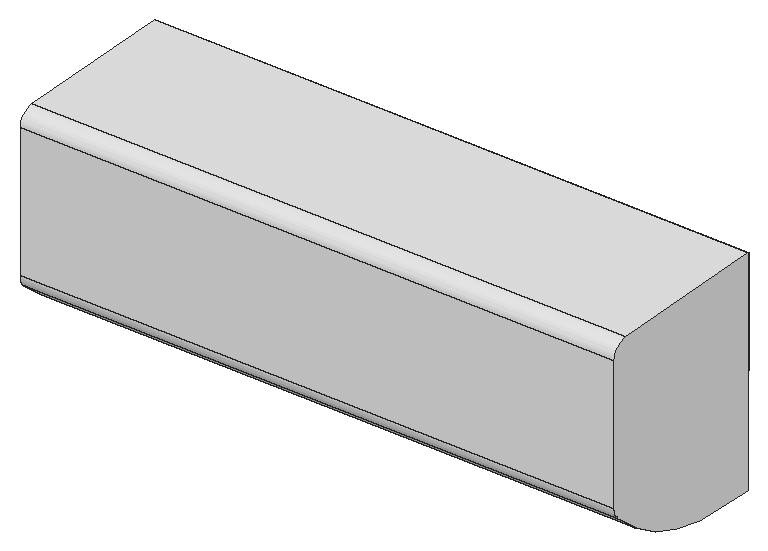
Revit family "Hitachi_RAS-25YHA_RAS-35YHA_VER2_0813", category Mechanical Equipment, Revit 2013
Parameters (values of type "RAS-25YHA")
  show Overhead Dashed [instance] = no
  show Geometry [instance] = not(show Overhead Dashed)  # yes
  Width = 780 mm  # constant formula
  Weight (kg) = 9.5  # constant formula
  URL = "www.temperzone.biz"
  RAF-50NXA1 = "RAC-25YHA"
  Pipe Length (min./max.) = "3m to 20m"
  Pipe Height (max.) = "10m"
  Pipe Connection Size - Gas = 9.5 mm  # 9.50 mm
  Pip Connection Size - Liquid = 6.4 mm  # 6.40 mm
  Model = "RAS-25YHA"
  Manufacturer = "Hitachi"  # constant formula
  Height = 280 mm  # constant formula
  Heating Range (kW) = "0.9 kW to 4.4 kW"
  Heating Capacity = 3.4 kW
  Energy Star = yes
  Description = "Hitachi Wall Mounted 2.5kW Heatpump RAS-25YHA"
  Depth = 220 mm  # constant formula
  Dehumidifying Capacity = "1.4 l/h"
  Cooling Range (kW) = "0.9 kW to 3.1 kW"
  Cooling Capacity = 2.5 kW
Types (2, lengths in mm): name | RAF-50NXA1 | Model | Heating Range (kW) | Heating Capacity | Description | Dehumidifying Capacity | Cooling Range (kW) | Cooling Capacity
  RAS-35YHA | "RAC-35YHA" | "RAS-35YHA" | "1.1 kW to 5.6 kW" | 4.5 kW | "Hitachi Wall Mounted 3.5kW Heatpump RAS-35YHA" | "1.6 l/h" | "1.1 kW to 4.2 kW" | 3.5 kW
  RAS-25YHA | "RAC-25YHA" | "RAS-25YHA" | "0.9 kW to 4.4 kW" | 3.4 kW | "Hitachi Wall Mounted 2.5kW Heatpump RAS-25YHA" | "1.4 l/h" | "0.9 kW to 3.1 kW" | 2.5 kW
Reference planes
  plane 1 "Center (Front/Back)": y = 0
  plane 2: z = 0
  plane 3 "Center (Left/Right)": x = 0
  plane 4: x = -390
  plane 5: x = 390
  plane 6: z = 1000
Forms (mm)
  Sweep 1, solid, material "Temperzone - Heatpump", visible <- "show Geometry", detail levels coarse
    path origin (4267.2, -758.273, 1000) x (0, -1, 0) y (1, 0, 0)
      loop
        line (-758.273, -3877.2) -> (-758.273, -4657.2)
    profile "RAS-25HA3_RAS-35YHA3_Coarse : Type 1" origin (0, 0, 1000) x (0, -1, 0) y (0, 0, 1)
      loop
        line (0, -280) -> (220, -280) -> (220, 0) -> (0, 0) -> (0, -280)
  Sweep 2, solid, material "Temperzone - Heatpump", detail levels coarse
    path origin (4267.2, -758.273, 1000) x (0, -1, 0) y (1, 0, 0)
      loop
        line (-758.273, -3877.2) -> (-758.273, -4657.2)
    profile "RAS-25HA3_RAS-35YHA3_Coarse : Type 1" origin (0, 0, 1000) x (0, -1, 0) y (0, 0, 1)
      loop
        line (0, -280) -> (220, -280) -> (220, 0) -> (0, 0) -> (0, -280)
  Sweep 3, solid, material "Temperzone - Heatpump", visible <- "show Geometry", detail levels medium+fine
    path origin (4267.2, -758.273, 1000) x (0, -1, 0) y (1, 0, 0)
      loop
        line (-758.273, -3877.2) -> (-758.273, -4657.2)
    profile "RAS-25HA3_RAS-35YHA3_Medium : Type 1" origin (0, 0, 1000) x (0, -1, 0) y (0, 0, 1)
      loop
        line (0, -280) -> (80.39, -280)
        arc (80.39, -280) -> (152.174, -260.503) -> (213.776, -218.812) r 226.594
        arc (213.776, -218.812) -> (218.378, -212.202) -> (220, -204.313) r 20
        line (220, -204.313) -> (220, -30.509)
        arc (220, -30.509) -> (214.507, -16.742) -> (201.047, -10.536) r 20
        line (201.047, -10.536) -> (0, 0) -> (0, -280)
  Sweep 4, solid, material "Temperzone - Heatpump", detail levels medium+fine
    path origin (4267.2, -758.273, 1000) x (0, -1, 0) y (1, 0, 0)
      loop
        line (-758.273, -3877.2) -> (-758.273, -4657.2)
    profile "RAS-25HA3_RAS-35YHA3_Medium : Type 1" origin (0, 0, 1000) x (0, -1, 0) y (0, 0, 1)
      loop
        line (0, -280) -> (80.39, -280)
        arc (80.39, -280) -> (152.174, -260.503) -> (213.776, -218.812) r 226.594
        arc (213.776, -218.812) -> (218.378, -212.202) -> (220, -204.313) r 20
        line (220, -204.313) -> (220, -30.509)
        arc (220, -30.509) -> (214.507, -16.742) -> (201.047, -10.536) r 20
        line (201.047, -10.536) -> (0, 0) -> (0, -280)
Lines and regions (mm)
  symbolic lines, style "Overhead", visible <- "show Overhead Dashed"
    curve 1: line (-390, -220, 0) -> (-390, 0, 0)
    curve 2: line (-390, -220, 0) -> (390, -220, 0)
    curve 3: line (390, 0, 0) -> (-390, 0, 0)
    curve 4: line (390, 0, 0) -> (390, -220, 0)
Dimensions and locks
  equal spacing: plane 4, plane 3 "Center (Left/Right)", plane 5
  plane 4 to plane 5 = 780 mm
  aligned and locked: level to plane 2
  aligned and locked: Sweep 1 sketch curve to plane 1 "Center (Front/Back)"
  aligned and locked: curve 1 to Sweep 2
  aligned and locked: curve 2 to Sweep 2
  aligned and locked: curve 3 to Sweep 4
  aligned and locked: curve 4 to Sweep 4
Automatic sketch dimensions
  Sweep 1 sketch curve to plane 4 = 0 mm
  Sweep 1 sketch curve to plane 5 = 0 mm
  plane 1 "Center (Front/Back)" to Sweep 2 sketch curve = 0 mm
  Sweep 2 sketch curve to plane 4 = 0 mm
  Sweep 2 sketch curve to plane 5 = 0 mm
  plane 1 "Center (Front/Back)" to Sweep 3 sketch curve = 0 mm
  Sweep 3 sketch curve to plane 4 = 0 mm
  Sweep 3 sketch curve to plane 5 = 0 mm
  plane 1 "Center (Front/Back)" to Sweep 4 sketch curve = 0 mm
  Sweep 4 sketch curve to plane 4 = 0 mm
  Sweep 4 sketch curve to plane 5 = 0 mm
